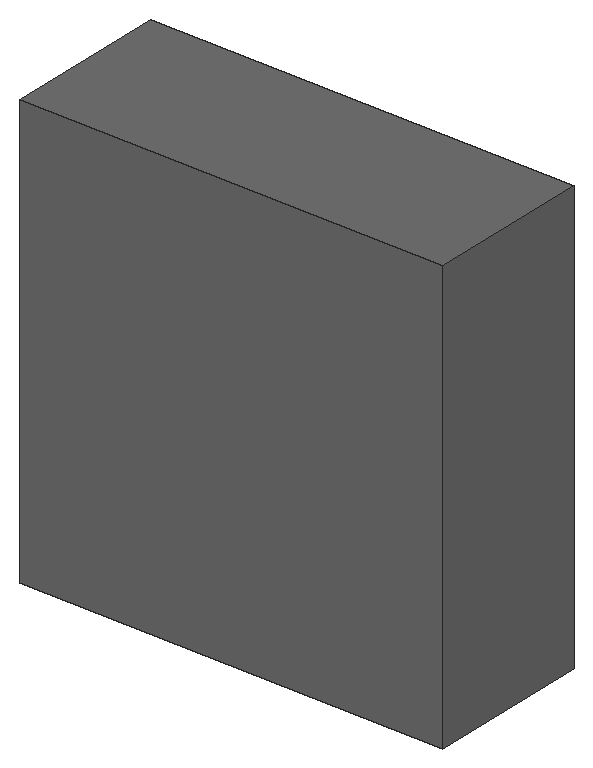
Revit family "8100E FAAST aspirasjonsdetektor", category Fire Alarm Devices, Revit 2016
Family settings
  Maintain Annotation Orientation = No
  Part Type = Normal
  Round Connector Dimension = Use Diameter
  OmniClass Number = 23.85.30.21
  OmniClass Title = Environmental Detection/Registration
  Work Plane-Based = No
  Always vertical = Yes
  Cut with Voids When Loaded = No
  Shared = No
  Room Calculation Point = No
Parameters (values of type "RY5422")
  NVTypeTekstSynlig = yes
  NVType = "ASP"
  NVSymbolPositiveDirection [instance] = yes
  NVMonteringTekstSynlig [instance] = no
  NVMontering [instance] = "Vegg"
  NS8360 = "5423_XN3"
  Material = Plastic - Dark Grey
  h = 337 mm
  d = 127 mm
  b = 330 mm
  NVSymbolOffsetSide [instance] = 0 mm
  NVSymbolOffsetOut [instance] = 0 mm
  Model = ""
  Manufacturer = "Honeywell"
  Load = 0 VA
  Keynote = "XN3"
  Detektorklasse = ""
  CQ Voltage = 230 V
  Assembly Code = "5423"
Reference planes
  plane 1 "Center (Front/Back)": y = 0
  plane 2: z = 0
  plane 3 "Center (Left/Right)": x = 0
  plane 4: y = 127
  plane 5: x = -165
  plane 6: x = 165
  plane 7: z = 168.5
  plane 8: z = -168.5
Forms (mm)
  Extrusion 1, solid, material "Plastic - Dark Grey" <- "Material"
    sketch origin (0, 0, 0) x (1, 0, 0) y (0, 1, 0)
      loop
        line (-165, 127) -> (-165, 0) -> (165, 0) -> (165, 127) -> (-165, 127)
    from -168.5 to 168.5
Lines and regions (mm)
  Split face 1
    outline origin (165, 0, 0) x (-1, 0, 0) y (0, 0, -1)
      loop
        line (250, -168.5) -> (250, 168.5)
  Split face 2
    outline origin (165, 0, 0) x (-1, 0, 0) y (0, 0, -1)
      loop
        line (56.902, -168.5) -> (56.902, 75.84)
        arc (56.902, 75.84) -> (134.326, 153.264) -> (211.75, 75.84) r 77.424
        line (211.75, 75.84) -> (211.75, -168.5)
Dimensions and locks
  equal spacing: plane 5, plane 3 "Center (Left/Right)", plane 6
  "d": plane 1 "Center (Front/Back)" to plane 4
  equal spacing: plane 7, level, plane 8
  "h": plane 7 to plane 8
  "b": plane 5 to plane 6
  locked: plane 5 to Split face 1 sketch curve at 80
  aligned and locked: Extrusion 1 sketch curve to plane 4
  aligned and locked: Extrusion 1 sketch curve to plane 5
  aligned and locked: Extrusion 1 sketch curve to plane 1 "Center (Front/Back)"
  aligned and locked: plane 6 to Extrusion 1 sketch curve
  aligned and locked: Extrusion 1 to plane 8
  aligned and locked: plane 7 to Extrusion 1
  aligned and locked: plane 1 "Center (Front/Back)" to nested 1
  aligned and locked: plane 3 "Center (Left/Right)" to nested 1
Automatic sketch dimensions
  Split face 1 sketch curve to Extrusion 1 = 0 mm  (x2)
  Split face 2 sketch curve to Extrusion 1 = 0 mm  (x2)
  Split face 2 sketch curve to Extrusion 1 = 56.902 mm
  Split face 2 sketch curve to Split face 2 sketch curve = 77.424 mm
  Split face 2 sketch curve to Extrusion 1 = 92.66 mm
Nested families
  nested 1: "Aspirasjonsdet" at (0, 0, 0), type "Type 1"
Connectors
  electrical at (0, 0, 0)
    settings: index 4, voltage 0 V, apparent load 0 VA, apparent load phase1 0 VA, apparent load phase2 0 VA, apparent load phase3 0 VA, power factor 1, load classification "Other", number of poles 1, system type 11, power factor state 1, is connector primary yes, connector utility no, sub classification motor no, connector description ""
  electrical at (0, 0, 0), driven by "CQ Voltage"
    settings: index 5, voltage 230 V, apparent load 0 VA, apparent load phase1 0 VA, apparent load phase2 0 VA, apparent load phase3 0 VA, power factor 1, load classification "Other", number of poles 1, system type 31, power factor state 1, is connector primary no, connector utility no, sub classification motor no, connector description ""
Definition of nested family "Aspirasjonsdet"
  Parameters (values of type "Type 1")
    Type tekst synlig = yes
    Type = "ASP"
    Montering tekst synlig = no
    Montering = "Vegg"
    CQ Symbol Positive Direction = yes
    CQ Symbol Negative Direction = not(CQ Symbol Positive Direction)  # no
    CQ Symbol Offset Side = 0 mm
    CQ Symbol Offset Out = 0 mm
  Reference planes
    plane 1: y = 0
    plane 2: x = 0
  Dimensions and locks
    "CQ Symbol Offset Side": nested 2 to plane 2
    "CQ Symbol Offset Side": plane 2 to nested 1
    "CQ Symbol Offset Out": plane 1 to nested 1
    "CQ Symbol Offset Out": plane 1 to nested 2
  Nested families
    nested 1: "Brannalarmsentral" at (0, 0, 0), visible <- "CQ Symbol Positive Direction", type "Type1"
    nested 2: "Brannalarmsentral" at (0, 0, 0), visible <- "CQ Symbol Negative Direction", type "Type1"
  Definition of nested family "Brannalarmsentral"
    Parameters (values of type "Type1")
      Type tekst synlig = yes
      Type = "BS"
      Montering tekst synlig = no
      Montering = "Vegg"
    Reference planes
      plane 1: y = 0
      plane 2: x = 0
    Lines and regions (mm)
      detail lines
        curve 1: line (-2.5, 2, 0) -> (2.5, 2, 0)
        curve 2: line (2.5, 2, 0) -> (2.5, 7, 0)
        curve 3: line (2.5, 7, 0) -> (-2.5, 7, 0)
        curve 4: line (-2.5, 7, 0) -> (-2.5, 2, 0)
        curve 5: circle (-1.25, 3, 0) r 0.25 normal (0, 0, 1)
        curve 6: line (-1.25, 3.75, 0) -> (-1, 6, 0)
        curve 7: arc (-1, 6, 0) -> (-1.25, 6.25, 0) -> (-1.5, 6, 0) r 0.25
        curve 8: line (-1.5, 6, 0) -> (-1.25, 3.75, 0)
        curve 9: line (-1.25, 5, 0) -> (-1.25, 6, 0)
      detail lines, visible <- "Type tekst synlig"
        curve 10: line (-2.5, 0, 0) -> (2.5, 0, 0)
        curve 11: line (-2.5, 0, 0) -> (-2.5, 2, 0)
        curve 12: line (2.5, 0, 0) -> (2.5, 2, 0)
    Nested families
      nested 1: "txt 1_50" at (3.379, 6.924, 0), visible <- "Montering tekst synlig", Type Name <- "Montering", type "txt"
        with Type Name "Vegg"
      nested 2: "txt 1_50" at (-1.949, 0.863, 0), visible <- "Type tekst synlig", Type Name <- "Type", type "txt"
        with Type Name "BS"
    Definition of nested family "txt 1_50"
      Parameters (values of type "txt")
        Type Name [instance] = "HIM"
      Reference planes
        plane 1: y = 0
        plane 2: x = 0
      Text (mm)
        label "TXT" at (1.952, 0, 0), shows "Type Name"
